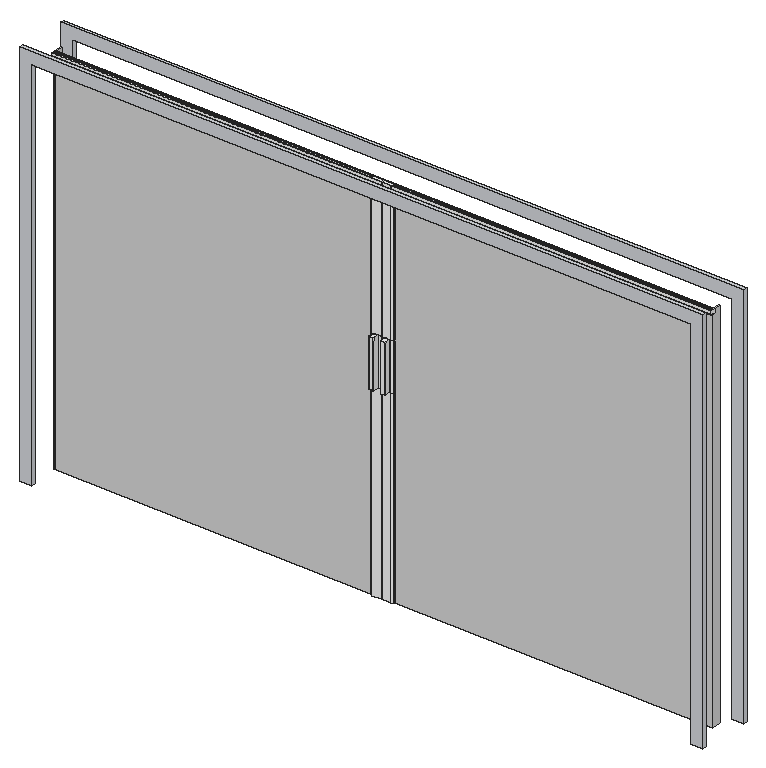
Revit family "Woodfold-Accordion-Door-Family-Series-3300-Acoustic", category Doors, host Wall, Revit 2026 (continued)
Definition of nested family "Detail - Panel Section"
  Definition of nested family "Detail Track"
    Definition of nested family "Metal Screw"
      Lines and regions (in)
        detail lines, in view "Ref. Level"
          curve 8: arc (-0.18472, 0.62615, 0) -> (0, 0.75115, 0) -> (0.18472, 0.62615, 0) r 0.19899
        detail lines, in view "Ref. Level", not visible
          curve 6: line (0.18472, 0.8125, 0) -> (0.05972, 0.8125, 0)
          curve 9: line (-0.18472, 0.8125, 0) -> (-0.05972, 0.8125, 0)
          curve 10: arc (-0.18472, 0.8125, 0) -> (0, 0.9375, 0) -> (0.18472, 0.8125, 0) r 0.19899
          curve 11: line (0.0625, -1.18635, 0) -> (0, -1.24885, 0)
          curve 12: line (-0.0625, -1.18635, 0) -> (0, -1.24885, 0)
      Dimensions and locks (in)
        "Length": plane 1 "Center (Front/Back)" to plane 4
        aligned and locked: plane 1 "Center (Front/Back)" to curve 7
        aligned and locked: plane 4 to curve 2
        aligned and locked: plane 4 to curve 4
        aligned and locked: plane 4 to curve 3
        aligned and locked: Filled region 1 sketch curve to curve 7
        aligned and locked: Filled region 1 sketch curve to curve 4
        aligned and locked: Filled region 1 sketch curve to curve 5
        aligned and locked: Filled region 1 sketch curve to curve 3
        aligned and locked: Filled region 1 sketch curve to curve 2
        aligned and locked: Filled region 1 sketch curve to curve 1
      Automatic sketch dimensions
        curve 4 to plane 1 "Center (Front/Back)" = 0' - 0"
        curve 2 to plane 1 "Center (Front/Back)" = 0' - 0"
        curve 4 to plane 3 "Center (Left/Right)" = 0' - 0 1/16"
        plane 3 "Center (Left/Right)" to curve 2 = 0' - 0 1/16"
        curve 7 to curve 7 = 0' - 0 1/8"
        curve 7 to curve 8 = 0' - 0.05972"
        curve 8 to curve 1 = 0' - 0.05972"
        curve 1 to curve 8 = 0' - 0 1/8"
        curve 8 to curve 7 = 0' - 0.07399"
        curve 9 to curve 9 = 0' - 0 1/8"
        curve 9 to curve 10 = 0' - 0.05972"
        curve 10 to curve 6 = 0' - 0.05972"
        curve 6 to curve 10 = 0' - 0 1/8"
        curve 10 to curve 9 = 0' - 0.07399"
        Filled region 1 sketch curve to plane 3 "Center (Left/Right)" = 0' - 0"
        Filled region 1 sketch curve to Filled region 1 sketch curve = 0' - 0.12222"
        plane 1 "Center (Front/Back)" to Filled region 1 sketch curve = 0' - 0.07399"
Definition of nested family "Detail - Panel Section - Recessed Track"
  Parameters
    Panel Finish [instance] = yes
    built-in parameter 1001306 [instance] = 4' - 0"
    Assembly Code = ""
  Reference planes (in)
    plane 1 "Center (Front/Back)": y = 0
    plane 2: z = 0
    plane 3 "Left": x = 0
    plane 4 "Right": x = 48
    plane 5: x = 46.955
  Lines and regions (in)
    Filled region 1, type "Wood - Finish", in view "Ref. Level", visible <- "Panel Finish"
      outline origin (-14.66362, 0, 0) x (0, 1, 0) y (-1, 0, 0)
        loop
          line (-2.22816, -15.64595) -> (-2.22816, -61.61862) -> (2.2317, -61.61862) -> (2.2317, -15.64595) -> (-2.22816, -15.64595)
    reference lines, in view "Ref. Level"
      curve 1: line (0, 0, 0) -> (48, 0, 0)
    detail lines, in view "Ref. Level"
      curve 2: arc (0.5625, -2.199, 0) -> (0.52728, -2.28802, 0) -> (0.5625, -2.37703, 0) r 0.13011
      curve 3: line (0.58358, -2.21839, 0) -> (0.58358, -2.35623, 0)
      curve 4: line (0.58358, -2.28816, 0) -> (0.90113, -2.28816, 0)
      curve 5: arc (0.86257, -2.22839, 0) -> (0.92257, -2.29208, 0) -> (0.98233, -2.22816, 0) r 0.06
      curve 6: line (0.6225, -2.25816, 0) -> (0.86843, -2.25816, 0)
      curve 7: line (0.86257, -2.22839, 0) -> (0.58358, -2.22816, 0)
      curve 8: line (46.99371, -2.28816, 0) -> (0.94379, -2.28816, 0)
      curve 9: line (46.96101, -2.25816, 0) -> (0.97649, -2.25816, 0)
      curve 10: line (0.86239, -2.17209, 0) -> (0.86239, -2.22839, 0)
      curve 11: line (0.5625, -2.17209, 0) -> (0.86239, -2.17209, 0)
      curve 12: line (0.5625, -2.40479, 0) -> (0.5625, 2.40479, 0)
      curve 13: arc (0.98233, -1.14507, 0) -> (0.96003, -1.18941, 0) -> (0.98233, -1.23375, 0) r 0.05523
      curve 14: arc (0.98233, -0.39507, 0) -> (0.96003, -0.43941, 0) -> (0.98233, -0.48375, 0) r 0.05523
      curve 15: arc (0.98233, 0.47493, 0) -> (0.96003, 0.43059, 0) -> (0.98233, 0.38625, 0) r 0.05523
      curve 16: arc (0.98233, 1.22493, 0) -> (0.96003, 1.18059, 0) -> (0.98233, 1.13625, 0) r 0.05523
      curve 17: arc (0.98233, 2.11585, 0) -> (0.96638, 2.14854, 0) -> (0.9325, 2.16176, 0) r 0.05
      curve 18: line (0.5625, 2.16176, 0) -> (0.9325, 2.16176, 0)
      curve 19: arc (0.86239, 1.34792, 0) -> (0.92239, 1.40792, 0) -> (0.86239, 1.46792, 0) r 0.06
      curve 20: arc (0.86239, 1.46792, 0) -> (0.80239, 1.40792, 0) -> (0.86239, 1.34792, 0) r 0.06
      curve 21: arc (0.86239, -1.44643, 0) -> (0.92239, -1.38643, 0) -> (0.86239, -1.32643, 0) r 0.06
      curve 22: arc (0.86239, -1.32643, 0) -> (0.80239, -1.38643, 0) -> (0.86239, -1.44643, 0) r 0.06
      curve 23: arc (0.5625, 2.199, 0) -> (0.52728, 2.28802, 0) -> (0.5625, 2.37703, 0) r 0.13011
      curve 24: line (0.58358, 2.21839, 0) -> (0.58358, 2.35623, 0)
      curve 25: line (0.58358, 2.29161, 0) -> (47.35392, 2.29161, 0)
      curve 26: line (0.62366, 2.26161, 0) -> (47.32358, 2.26161, 0)
      curve 27: line (0.98233, 2.22816, 0) -> (0.58358, 2.22816, 0)
      curve 28: arc (47.375, -2.199, 0) -> (47.41022, -2.28802, 0) -> (47.375, -2.37703, 0) r 0.13011
      curve 29: line (47.35392, -2.21839, 0) -> (47.35392, -2.35623, 0)
      curve 30: line (47.35392, -2.28816, 0) -> (47.03637, -2.28816, 0)
      curve 31: arc (47.07493, -2.22839, 0) -> (47.01689, -2.29205, 0) -> (46.95504, -2.23208, 0) r 0.06
      curve 32: line (47.315, -2.25816, 0) -> (47.06907, -2.25816, 0)
      curve 33: line (47.07493, -2.22839, 0) -> (47.35392, -2.22816, 0)
      curve 34: line (47.07511, -2.17209, 0) -> (47.07511, -2.22839, 0)
      curve 35: line (47.375, -2.17209, 0) -> (47.07511, -2.17209, 0)
      curve 36: line (47.375, -2.40479, 0) -> (47.375, 2.40479, 0)
      curve 37: arc (46.955, -1.14495, 0) -> (46.97747, -1.18941, 0) -> (46.955, -1.23387, 0) r 0.05523
      curve 38: arc (46.955, -0.39495, 0) -> (46.97747, -0.43941, 0) -> (46.955, -0.48387, 0) r 0.05523
      curve 39: arc (46.955, 0.47505, 0) -> (46.97747, 0.43059, 0) -> (46.955, 0.38613, 0) r 0.05523
      curve 40: arc (46.955, 1.22505, 0) -> (46.97747, 1.18059, 0) -> (46.955, 1.13613, 0) r 0.05523
      curve 41: arc (46.955, 2.11176, 0) -> (46.96964, 2.14712, 0) -> (47.005, 2.16176, 0) r 0.05
      curve 42: line (47.375, 2.16176, 0) -> (47.005, 2.16176, 0)
      curve 43: arc (47.07511, 1.34792, 0) -> (47.01511, 1.40792, 0) -> (47.07511, 1.46792, 0) r 0.06
      curve 44: arc (47.07511, 1.46792, 0) -> (47.13511, 1.40792, 0) -> (47.07511, 1.34792, 0) r 0.06
      curve 45: arc (47.07511, -1.44643, 0) -> (47.01511, -1.38643, 0) -> (47.07511, -1.32643, 0) r 0.06
      curve 46: arc (47.07511, -1.32643, 0) -> (47.13511, -1.38643, 0) -> (47.07511, -1.44643, 0) r 0.06
      curve 47: arc (47.375, 2.199, 0) -> (47.41022, 2.28802, 0) -> (47.375, 2.37703, 0) r 0.13011
      curve 48: line (47.35392, 2.21839, 0) -> (47.35392, 2.35623, 0)
      curve 49: line (47.35392, 2.22816, 0) -> (46.955, 2.22816, 0)
      curve 94: line (48, -2.40479, 0) -> (48, 2.34521, 0)
      curve 96: line (46.955, -2.23208, 0) -> (46.955, 2.11176, 0)
      curve 98: line (0.98233, -2.22816, 0) -> (0.98233, 2.11585, 0)
    detail lines, in view "Ref. Level", not visible
      curve 50: arc (0, -2.199, 0) -> (-0.03522, -2.28802, 0) -> (0, -2.37703, 0) r 0.13011
      curve 51: line (0.02108, -2.21839, 0) -> (0.02108, -2.35623, 0)
      curve 52: line (0.02108, -2.28816, 0) -> (0.33863, -2.28816, 0)
      curve 53: arc (0.30007, -2.22839, 0) -> (0.36007, -2.29208, 0) -> (0.41983, -2.22816, 0) r 0.06
      curve 54: line (0.06, -2.25816, 0) -> (0.30593, -2.25816, 0)
      curve 55: line (0.30007, -2.22839, 0) -> (0.02108, -2.22816, 0)
      curve 56: line (0.29989, -2.17209, 0) -> (0.29989, -2.22839, 0)
      curve 57: line (0, -2.17209, 0) -> (0.29989, -2.17209, 0)
      curve 58: line (0, -2.40479, 0) -> (0, 2.40479, 0)
      curve 59: arc (0.41983, -1.14507, 0) -> (0.39753, -1.18941, 0) -> (0.41983, -1.23375, 0) r 0.05523
      curve 60: arc (0.41983, -0.39507, 0) -> (0.39753, -0.43941, 0) -> (0.41983, -0.48375, 0) r 0.05523
      curve 61: arc (0.41983, 0.47493, 0) -> (0.39753, 0.43059, 0) -> (0.41983, 0.38625, 0) r 0.05523
      curve 62: arc (0.41983, 1.22493, 0) -> (0.39753, 1.18059, 0) -> (0.41983, 1.13625, 0) r 0.05523
      curve 63: arc (0.41983, 2.11585, 0) -> (0.40388, 2.14854, 0) -> (0.37, 2.16176, 0) r 0.05
      curve 64: line (0, 2.16176, 0) -> (0.37, 2.16176, 0)
      curve 65: arc (0.29989, 1.34792, 0) -> (0.35989, 1.40792, 0) -> (0.29989, 1.46792, 0) r 0.06
      curve 66: arc (0.29989, 1.46792, 0) -> (0.23989, 1.40792, 0) -> (0.29989, 1.34792, 0) r 0.06
      curve 67: arc (0.29989, -1.44643, 0) -> (0.35989, -1.38643, 0) -> (0.29989, -1.32643, 0) r 0.06
      curve 68: arc (0.29989, -1.32643, 0) -> (0.23989, -1.38643, 0) -> (0.29989, -1.44643, 0) r 0.06
      curve 69: arc (0, 2.199, 0) -> (-0.03522, 2.28802, 0) -> (0, 2.37703, 0) r 0.13011
      curve 70: line (0.02108, 2.21839, 0) -> (0.02108, 2.35623, 0)
      curve 71: line (0.41983, 2.22816, 0) -> (0.02108, 2.22816, 0)
      curve 72: arc (8.68994, -2.199, 0) -> (8.72516, -2.28802, 0) -> (8.68994, -2.37703, 0) r 0.13011
      curve 73: line (8.66886, -2.21839, 0) -> (8.66886, -2.35623, 0)
      curve 74: line (8.66886, -2.28816, 0) -> (8.35131, -2.28816, 0)
      curve 75: arc (8.38987, -2.22839, 0) -> (8.33183, -2.29205, 0) -> (8.26998, -2.23208, 0) r 0.06
      curve 76: line (8.62994, -2.25816, 0) -> (8.38402, -2.25816, 0)
      curve 77: line (8.38987, -2.22839, 0) -> (8.66886, -2.22816, 0)
      curve 78: line (8.39005, -2.17209, 0) -> (8.39005, -2.22839, 0)
      curve 79: line (8.68994, -2.17209, 0) -> (8.39005, -2.17209, 0)
      curve 80: line (8.68994, -2.40479, 0) -> (8.68994, 2.40479, 0)
      curve 81: arc (8.26994, -1.14495, 0) -> (8.29241, -1.18941, 0) -> (8.26994, -1.23387, 0) r 0.05523
      curve 82: arc (8.26994, -0.39495, 0) -> (8.29241, -0.43941, 0) -> (8.26994, -0.48387, 0) r 0.05523
      curve 83: arc (8.26994, 0.47505, 0) -> (8.29241, 0.43059, 0) -> (8.26994, 0.38613, 0) r 0.05523
      curve 84: arc (8.26994, 1.22505, 0) -> (8.29241, 1.18059, 0) -> (8.26994, 1.13613, 0) r 0.05523
      curve 85: arc (8.26994, 2.11176, 0) -> (8.28459, 2.14712, 0) -> (8.31994, 2.16176, 0) r 0.05
      curve 86: line (8.68994, 2.16176, 0) -> (8.31994, 2.16176, 0)
      curve 87: arc (8.39005, 1.34792, 0) -> (8.33005, 1.40792, 0) -> (8.39005, 1.46792, 0) r 0.06
      curve 88: arc (8.39005, 1.46792, 0) -> (8.45005, 1.40792, 0) -> (8.39005, 1.34792, 0) r 0.06
      curve 89: arc (8.39005, -1.44643, 0) -> (8.33005, -1.38643, 0) -> (8.39005, -1.32643, 0) r 0.06
      curve 90: arc (8.39005, -1.32643, 0) -> (8.45005, -1.38643, 0) -> (8.39005, -1.44643, 0) r 0.06
      curve 91: arc (8.68994, 2.199, 0) -> (8.72516, 2.28802, 0) -> (8.68994, 2.37703, 0) r 0.13011
      curve 92: line (8.66886, 2.21839, 0) -> (8.66886, 2.35623, 0)
      curve 93: line (8.66886, 2.22816, 0) -> (8.26994, 2.22816, 0)
      curve 95: line (9.31494, -2.40479, 0) -> (9.31494, 2.34521, 0)
      curve 97: line (8.26994, -2.23208, 0) -> (8.26994, 2.11176, 0)
      curve 99: line (0.41983, -2.22816, 0) -> (0.41983, 2.11585, 0)
  Dimensions and locks (in)
    "built-in parameter 1001306": plane 3 "Left" to plane 4 "Right"
    locked: plane 5 to plane 4 "Right" at 1.045
    aligned and locked: plane 1 "Center (Front/Back)" to curve 1
    aligned and locked: plane 4 "Right" to curve 1
    aligned and locked: plane 3 "Left" to curve 1
    aligned and locked: curve 94 to plane 4 "Right"
    aligned and locked: Filled region 1 to plane 5
    aligned and locked: curve 24 to curve 25
    aligned and locked: curve 8 to curve 4
    aligned and locked: curve 12 to nested 1
  Automatic sketch dimensions
    plane 1 "Center (Front/Back)" to Filled region 1 sketch curve = 0' - 2.22816"
    Filled region 1 sketch curve to plane 1 "Center (Front/Back)" = 0' - 2.2317"
    plane 3 "Left" to Filled region 1 sketch curve = 3' - 10.955"
    plane 3 "Left" to Filled region 1 sketch curve = 0' - 0.98233"
    curve 38 to curve 39 = 0' - 0"
    curve 40 to curve 39 = 0' - 0"
    curve 38 to curve 37 = 0' - 0"
    curve 49 to curve 40 = 0' - 0"
    curve 37 to curve 37 = 0' - 0.03276"
    curve 49 to curve 41 = 0' - 0"
    curve 37 to curve 31 = 0' - 0.00004"
    curve 41 to curve 41 = 0' - 0.05"
    curve 42 to curve 41 = 0' - 0"
    curve 31 to curve 30 = 0' - 0.02133"
    curve 30 to curve 32 = 0' - 0.0327"
    curve 32 to curve 33 = 0' - 0.00585"
    curve 37 to curve 46 = 0' - 0.12011"
    curve 40 to curve 43 = 0' - 0.12011"
    curve 31 to curve 35 = 0' - 0.00018"
    curve 42 to curve 47 = 0' - 0.27511"
    curve 32 to curve 28 = 0' - 0.21103"
    curve 28 to curve 32 = 0' - 0.03489"
    curve 47 to curve 48 = 0' - 0.07381"
    curve 32 to curve 29 = 0' - 0.03892"
    curve 29 to curve 28 = 0' - 0.02108"
    curve 47 to curve 94 = 0' - 0 5/8"
    curve 36 to curve 94 = 0' - 0"
    curve 36 to curve 28 = 0' - 0.02776"
    curve 28 to curve 29 = 0' - 0.0208"
    curve 29 to curve 30 = 0' - 0.06807"
    curve 30 to curve 28 = 0' - 0.00014"
    curve 30 to curve 32 = 0' - 0.03"
    curve 31 to curve 34 = 0' - 0"
    curve 33 to curve 29 = 0' - 0.00977"
    curve 34 to curve 34 = 0' - 0.0563"
    curve 34 to curve 46 = 0' - 0.72566"
    curve 45 to curve 45 = 0' - 0.06"
    curve 45 to curve 37 = 0' - 0.09256"
    curve 37 to curve 37 = 0' - 0.04446"
    curve 37 to curve 38 = 0' - 0.66108"
    curve 38 to curve 38 = 0' - 0.04446"
    curve 38 to curve 39 = 0' - 0.78108"
    curve 39 to curve 39 = 0' - 0.04446"
    curve 39 to curve 40 = 0' - 0.66108"
    curve 40 to curve 40 = 0' - 0.04446"
    curve 40 to curve 43 = 0' - 0.12287"
    curve 43 to curve 44 = 0' - 0.06"
    curve 43 to curve 41 = 0' - 0.64384"
    curve 41 to curve 42 = 0' - 0"
    curve 42 to curve 47 = 0' - 0.03724"
    curve 47 to curve 48 = 0' - 0.01939"
    curve 42 to curve 49 = 0' - 0 17/256"
    curve 49 to curve 47 = 0' - 0.05986"
    curve 94 to curve 47 = 0' - 0.03183"
    curve 48 to curve 47 = 0' - 0.0208"
    curve 47 to curve 36 = 0' - 0.02776"
    curve 82 to curve 83 = 0' - 0"
    curve 84 to curve 83 = 0' - 0"
    curve 82 to curve 81 = 0' - 0"
    curve 93 to curve 84 = 0' - 0"
    curve 81 to curve 81 = 0' - 0.03276"
    curve 93 to curve 85 = 0' - 0"
    curve 81 to curve 75 = 0' - 0.00004"
    curve 85 to curve 85 = 0' - 0.05"
    curve 86 to curve 85 = 0' - 0"
    curve 75 to curve 74 = 0' - 0.02133"
    curve 74 to curve 76 = 0' - 0.0327"
    curve 76 to curve 77 = 0' - 0.00585"
    curve 81 to curve 90 = 0' - 0.12011"
    curve 84 to curve 87 = 0' - 0.12011"
    curve 75 to curve 79 = 0' - 0.00018"
    curve 86 to curve 91 = 0' - 0.27511"
    curve 76 to curve 72 = 0' - 0.21103"
    curve 72 to curve 76 = 0' - 0.03489"
    curve 91 to curve 92 = 0' - 0.07381"
    curve 76 to curve 73 = 0' - 0.03892"
    curve 73 to curve 72 = 0' - 0.02108"
    curve 91 to curve 95 = 0' - 0 5/8"
    curve 80 to curve 95 = 0' - 0"
    curve 80 to curve 72 = 0' - 0.02776"
    curve 72 to curve 73 = 0' - 0.0208"
    curve 73 to curve 74 = 0' - 0.06807"
    curve 74 to curve 72 = 0' - 0.00014"
    curve 74 to curve 76 = 0' - 0.03"
    curve 75 to curve 78 = 0' - 0"
    curve 77 to curve 73 = 0' - 0.00977"
    curve 78 to curve 78 = 0' - 0.0563"
    curve 78 to curve 90 = 0' - 0.72566"
    curve 89 to curve 89 = 0' - 0.06"
    curve 89 to curve 81 = 0' - 0.09256"
    curve 81 to curve 81 = 0' - 0.04446"
    curve 81 to curve 82 = 0' - 0.66108"
    curve 82 to curve 82 = 0' - 0.04446"
    curve 82 to curve 83 = 0' - 0.78108"
    curve 83 to curve 83 = 0' - 0.04446"
    curve 83 to curve 84 = 0' - 0.66108"
    curve 84 to curve 84 = 0' - 0.04446"
    curve 84 to curve 87 = 0' - 0.12287"
    curve 87 to curve 88 = 0' - 0.06"
    curve 87 to curve 85 = 0' - 0.64384"
    curve 85 to curve 86 = 0' - 0"
    curve 86 to curve 91 = 0' - 0.03724"
    curve 91 to curve 92 = 0' - 0.01939"
    curve 86 to curve 93 = 0' - 0 17/256"
    curve 93 to curve 91 = 0' - 0.05986"
    curve 95 to curve 91 = 0' - 0.03183"
    curve 92 to curve 91 = 0' - 0.0208"
    curve 91 to curve 80 = 0' - 0.02776"
    curve 43 to curve 44 = 0' - 0"  (x2)
    curve 45 to curve 46 = 0' - 0"  (x2)
    curve 96 to curve 31 = 0' - 0"
    curve 96 to curve 41 = 0' - 0"
    curve 87 to curve 88 = 0' - 0"  (x2)
    curve 89 to curve 90 = 0' - 0"  (x2)
    curve 97 to curve 75 = 0' - 0"
    curve 97 to curve 85 = 0' - 0"
    curve 23 to curve 24 = 0' - 0.02108"
    curve 2 to curve 3 = 0' - 0.02108"
    curve 4 to curve 6 = 0' - 0.03892"
    curve 27 to curve 23 = 0' - 0.07381"
    curve 6 to curve 2 = 0' - 0.03489"
    curve 2 to curve 10 = 0' - 0.205"
    curve 18 to curve 19 = 0' - 0.29989"
    curve 10 to curve 22 = 0' - 0"
    curve 10 to curve 5 = 0' - 0.00018"
    curve 5 to curve 6 = 0' - 0.00585"
    curve 6 to curve 4 = 0' - 0.0327"
    curve 4 to curve 5 = 0' - 0.02133"
    curve 23 to curve 18 = 0' - 0.27511"
    curve 17 to curve 18 = 0' - 0"  (x2)
    curve 17 to curve 17 = 0' - 0.04983"
    curve 18 to curve 27 = 0' - 0.04983"
    curve 16 to curve 16 = 0' - 0.03293"
    curve 13 to curve 13 = 0' - 0.03293"
    curve 15 to curve 15 = 0' - 0.03293"
    curve 14 to curve 14 = 0' - 0.03293"
    curve 12 to curve 2 = 0' - 0.02776"
    curve 2 to curve 3 = 0' - 0.0208"
    curve 3 to curve 4 = 0' - 0.06807"
    curve 4 to curve 2 = 0' - 0.00014"
    curve 4 to curve 6 = 0' - 0.03"
    curve 7 to curve 10 = 0' - 0"
    curve 7 to curve 3 = 0' - 0.00977"
    curve 10 to curve 11 = 0' - 0.0563"
    curve 10 to curve 22 = 0' - 0.72566"
    curve 21 to curve 22 = 0' - 0.06"
    curve 21 to curve 13 = 0' - 0.09268"
    curve 13 to curve 13 = 0' - 0.04434"
    curve 13 to curve 14 = 0' - 0.66132"
    curve 14 to curve 14 = 0' - 0.04434"
    curve 14 to curve 15 = 0' - 0.78133"
    curve 15 to curve 15 = 0' - 0.04434"
    curve 15 to curve 16 = 0' - 0.66132"
    curve 16 to curve 16 = 0' - 0.04434"
    curve 16 to curve 19 = 0' - 0.12299"
    curve 19 to curve 20 = 0' - 0.06"
    curve 19 to curve 17 = 0' - 0.64384"
    curve 17 to curve 17 = 0' - 0.00409"
    curve 18 to curve 23 = 0' - 0.03724"
    curve 23 to curve 24 = 0' - 0.01939"
    curve 24 to curve 27 = 0' - 0.00977"
    curve 27 to curve 23 = 0' - 0.05986"
    curve 24 to curve 23 = 0' - 0.0208"
    curve 23 to curve 12 = 0' - 0.02776"
    curve 19 to curve 20 = 0' - 0"  (x2)
    curve 21 to curve 22 = 0' - 0"  (x2)
    curve 69 to curve 70 = 0' - 0.02108"
    curve 50 to curve 51 = 0' - 0.02108"
    curve 52 to curve 54 = 0' - 0.03892"
    curve 71 to curve 69 = 0' - 0.07381"
    curve 54 to curve 50 = 0' - 0.03489"
    curve 50 to curve 56 = 0' - 0.205"
    curve 64 to curve 65 = 0' - 0.29989"
    curve 56 to curve 68 = 0' - 0"
    curve 56 to curve 53 = 0' - 0.00018"
    curve 53 to curve 54 = 0' - 0.00585"
    curve 54 to curve 52 = 0' - 0.0327"
    curve 52 to curve 53 = 0' - 0.02133"
    curve 69 to curve 64 = 0' - 0.27511"
    curve 63 to curve 64 = 0' - 0"  (x2)
    curve 63 to curve 63 = 0' - 0.04983"
    curve 64 to curve 71 = 0' - 0.04983"
    curve 62 to curve 62 = 0' - 0.03293"
    curve 59 to curve 59 = 0' - 0.03293"
    curve 61 to curve 61 = 0' - 0.03293"
    curve 60 to curve 60 = 0' - 0.03293"
    curve 58 to curve 50 = 0' - 0.02776"
    curve 50 to curve 51 = 0' - 0.0208"
    curve 51 to curve 52 = 0' - 0.06807"
    curve 52 to curve 50 = 0' - 0.00014"
    curve 52 to curve 54 = 0' - 0.03"
    curve 55 to curve 56 = 0' - 0"
    curve 55 to curve 51 = 0' - 0.00977"
    curve 56 to curve 57 = 0' - 0.0563"
    curve 56 to curve 68 = 0' - 0.72566"
    curve 67 to curve 68 = 0' - 0.06"
    curve 67 to curve 59 = 0' - 0.09268"
    curve 59 to curve 59 = 0' - 0.04434"
    curve 59 to curve 60 = 0' - 0.66132"
    curve 60 to curve 60 = 0' - 0.04434"
    curve 60 to curve 61 = 0' - 0.78133"
    curve 61 to curve 61 = 0' - 0.04434"
    curve 61 to curve 62 = 0' - 0.66132"
    curve 62 to curve 62 = 0' - 0.04434"
    curve 62 to curve 65 = 0' - 0.12299"
    curve 65 to curve 66 = 0' - 0.06"
    curve 65 to curve 63 = 0' - 0.64384"
    curve 63 to curve 63 = 0' - 0.00409"
    curve 64 to curve 69 = 0' - 0.03724"
    curve 69 to curve 70 = 0' - 0.01939"
    curve 70 to curve 71 = 0' - 0.00977"
    curve 71 to curve 69 = 0' - 0.05986"
    curve 70 to curve 69 = 0' - 0.0208"
    curve 69 to curve 58 = 0' - 0.02776"
    curve 65 to curve 66 = 0' - 0"  (x2)
    curve 67 to curve 68 = 0' - 0"  (x2)
    curve 25 to curve 26 = 0' - 0.04008"
    plane 3 "Left" to curve 8 = 0' - 0.94379"
    curve 8 to curve 9 = 0' - 0.0327"
    curve 9 to plane 5 = 0' - 0.00601"
    curve 8 to plane 5 = 0' - 0.03871"
    curve 26 to plane 5 = 0' - 0.36858"
    curve 26 to curve 25 = 0' - 0.03034"
    curve 8 to curve 9 = 0' - 0.03"
    curve 26 to plane 1 "Center (Front/Back)" = 0' - 2.26161"
    curve 26 to curve 25 = 0' - 0.03"
  Nested families (in)
    nested 1: "Detail Recessed Track" at (-0.75, 0, 0) x (-1, 0, 0) z (0, 0, 1), type "Detail Track", in view "Ref. Level"
  Definition of nested family "Detail Recessed Track"
    Parameters
      Assembly Code = ""
    Reference planes (in)
      plane 1 "Center (Front/Back)": y = 0
      plane 2: z = 0
      plane 3 "Center (Left/Right)": x = 0
    Lines and regions (in)
      detail lines, in view "Ref. Level"
        curve 1: line (-0.9375, 0.5625, 0) -> (-0.125, 0.5625, 0)
        curve 2: line (-0.125, -0.5625, 0) -> (-0.9375, -0.5625, 0)
        curve 3: line (-0.125, 0.5625, 0) -> (-0.125, -0.5625, 0)
        curve 4: line (-1.0625, -0.4375, 0) -> (-1.0625, -0.3125, 0)
        curve 5: line (-1.3125, -0.15789, 0) -> (-1.3125, 0.15789, 0)
        curve 6: line (-1.3125, 0.15789, 0) -> (-0.8125, 0.15789, 0)
        curve 7: line (-1.3125, -0.15789, 0) -> (-0.8125, -0.15789, 0)
        curve 8: line (-1.0625, -0.4375, 0) -> (-0.9375, -0.5625, 0)
        curve 9: line (-1.0625, -0.3125, 0) -> (-0.90789, -0.15789, 0)
        curve 10: line (-1.0625, 0.4375, 0) -> (-1.0625, 0.3125, 0)
        curve 11: line (-1.0625, 0.4375, 0) -> (-0.9375, 0.5625, 0)
        curve 12: line (-1.0625, 0.3125, 0) -> (-0.90789, 0.15789, 0)
        curve 13: line (-0.88572, 0.4375, 0) -> (-0.25, 0.4375, 0)
        curve 14: line (-0.25, 0.4375, 0) -> (-0.25, -0.4375, 0)
        curve 15: line (-0.25, -0.4375, 0) -> (-0.88572, -0.4375, 0)
        curve 16: line (-0.9375, -0.38572, 0) -> (-0.88572, -0.4375, 0)
        curve 17: line (-0.9375, -0.38572, 0) -> (-0.9375, -0.36428, 0)
        curve 18: line (-0.9375, -0.36428, 0) -> (-0.81951, -0.24628, 0)
        curve 19: line (-0.9375, 0.36428, 0) -> (-0.81951, 0.24628, 0)
        curve 20: line (-0.9375, 0.38572, 0) -> (-0.9375, 0.36428, 0)
        curve 21: line (-0.9375, 0.38572, 0) -> (-0.88572, 0.4375, 0)
        curve 22: line (-0.81951, -0.24628, 0) -> (-0.90789, -0.15789, 0)
        curve 23: line (-0.90789, 0.15789, 0) -> (-0.81951, 0.24628, 0)
        curve 24: line (-0.8125, -0.3125, 0) -> (-0.8125, 0.3125, 0)
        curve 25: arc (-0.33779, 0.4375, 0) -> (-0.27529, 0.375, 0) -> (-0.33779, 0.3125, 0) r 0.0625
        curve 26: line (-0.33779, 0.3125, 0) -> (-0.85749, 0.3125, 0)
        curve 27: arc (-0.85749, 0.4375, 0) -> (-0.91999, 0.375, 0) -> (-0.85749, 0.3125, 0) r 0.0625
        curve 28: arc (-0.33779, -0.4375, 0) -> (-0.27529, -0.375, 0) -> (-0.33779, -0.3125, 0) r 0.0625
        curve 29: line (-0.33779, -0.3125, 0) -> (-0.85749, -0.3125, 0)
        curve 30: arc (-0.85749, -0.4375, 0) -> (-0.91999, -0.375, 0) -> (-0.85749, -0.3125, 0) r 0.0625
        curve 31: line (-0.4375, -0.3125, 0) -> (-0.4375, 0.3125, 0)
        curve 32: line (-0.9375, 0.5625, 0) -> (-0.1875, 0.5625, 0)
        curve 33: line (-0.1875, -0.5625, 0) -> (-0.9375, -0.5625, 0)
        curve 34: line (-1.0625, -0.4375, 0) -> (-1.0625, -0.3125, 0)
        curve 35: line (-1.3125, -0.15789, 0) -> (-1.3125, 0.15789, 0)
        curve 36: line (-1.3125, 0.15789, 0) -> (-0.90789, 0.15789, 0)
        curve 37: line (-1.3125, -0.15789, 0) -> (-0.90789, -0.15789, 0)
        curve 38: line (-1.0625, -0.4375, 0) -> (-0.9375, -0.5625, 0)
        curve 39: line (-1.0625, -0.3125, 0) -> (-0.90789, -0.15789, 0)
        curve 40: line (-1.0625, 0.4375, 0) -> (-1.0625, 0.3125, 0)
        curve 41: line (-1.0625, 0.4375, 0) -> (-0.9375, 0.5625, 0)
        curve 42: line (-1.0625, 0.3125, 0) -> (-0.90789, 0.15789, 0)
        curve 43: line (-0.75, 0.65625, 0) -> (-0.75, 1.90625, 0)
        curve 44: line (-0.75, 0.65625, 0) -> (0, 0.65625, 0)
        curve 45: line (0, 0.65625, 0) -> (0, -0.65625, 0)
        curve 46: line (0, -0.65625, 0) -> (-0.75, -0.65625, 0)
        curve 47: line (-0.75, -0.65625, 0) -> (-0.75, -1.90625, 0)
        curve 48: line (-0.875, 0.5625, 0) -> (-0.875, 1.90625, 0)
        curve 49: line (-0.875, -0.5625, 0) -> (-0.875, -1.90625, 0)
        curve 50: line (-0.875, 1.90625, 0) -> (-0.75, 1.90625, 0)
        curve 51: line (-0.875, -1.90625, 0) -> (-0.75, -1.90625, 0)
    Nested families (in)
      nested 1: "Metal Screw" at (0.37615, 0, 0) x (0, 1, 0) z (0, 0, 1), type "1"", in view "Ref. Level"
    Definition of nested family "Metal Screw"
      Parameters
        Length = 0' - 1 1/2"
        Assembly Code = ""
      Reference planes (in)
        plane 1 "Center (Front/Back)": y = 0.62615
        plane 2: z = 0
        plane 3 "Center (Left/Right)": x = 0
        plane 4: y = -0.87385
      Lines and regions (in)
        Filled region 1, type "Steel", in view "Ref. Level"
          outline origin (0, 0, 0) x (1, 0, 0) y (0, 1, 0)
            loop
              line (-0.18472, 0.62615) -> (-0.0625, 0.62615) -> (-0.0625, -0.87385) -> (0, -0.93635) -> (0.0625, -0.87385) -> (0.0625, 0.62615) -> (0.18472, 0.62615)
              arc (0.18472, 0.62615) -> (0, 0.75115) -> (-0.18472, 0.62615) r 0.19899
        detail lines, in view "Ref. Level"
          curve 1: line (0.18472, 0.62615, 0) -> (0.05972, 0.62615, 0)
          curve 2: line (0.0625, 0.62615, 0) -> (0.0625, -0.87385, 0)
          curve 3: line (0.0625, -0.87385, 0) -> (0, -0.93635, 0)
          curve 4: line (-0.0625, 0.62615, 0) -> (-0.0625, -0.87385, 0)
          curve 5: line (-0.0625, -0.87385, 0) -> (0, -0.93635, 0)
          curve 7: line (-0.18472, 0.62615, 0) -> (-0.05972, 0.62615, 0)
          curve 8: arc (-0.18472, 0.62615, 0) -> (0, 0.75115, 0) -> (0.18472, 0.62615, 0) r 0.19899
        detail lines, in view "Ref. Level", not visible
          curve 6: line (0.18472, 0.8125, 0) -> (0.05972, 0.8125, 0)
          curve 9: line (-0.18472, 0.8125, 0) -> (-0.05972, 0.8125, 0)
          curve 10: arc (-0.18472, 0.8125, 0) -> (0, 0.9375, 0) -> (0.18472, 0.8125, 0) r 0.19899
          curve 11: line (0.0625, -1.18635, 0) -> (0, -1.24885, 0)
          curve 12: line (-0.0625, -1.18635, 0) -> (0, -1.24885, 0)
      Dimensions and locks (in)
        "Length": plane 1 "Center (Front/Back)" to plane 4
        aligned and locked: plane 1 "Center (Front/Back)" to curve 7
        aligned and locked: plane 4 to curve 2
        aligned and locked: plane 4 to curve 4
        aligned and locked: plane 4 to curve 3
        aligned and locked: Filled region 1 sketch curve to curve 7
        aligned and locked: Filled region 1 sketch curve to curve 4
        aligned and locked: Filled region 1 sketch curve to curve 5
        aligned and locked: Filled region 1 sketch curve to curve 3
        aligned and locked: Filled region 1 sketch curve to curve 2
        aligned and locked: Filled region 1 sketch curve to curve 1
      Automatic sketch dimensions
        curve 4 to plane 1 "Center (Front/Back)" = 0' - 0"
        curve 2 to plane 1 "Center (Front/Back)" = 0' - 0"
        curve 4 to plane 3 "Center (Left/Right)" = 0' - 0 1/16"
        plane 3 "Center (Left/Right)" to curve 2 = 0' - 0 1/16"
        curve 7 to curve 7 = 0' - 0 1/8"
        curve 7 to curve 8 = 0' - 0.05972"
        curve 8 to curve 1 = 0' - 0.05972"
        curve 1 to curve 8 = 0' - 0 1/8"
        curve 8 to curve 7 = 0' - 0.07399"
        curve 9 to curve 9 = 0' - 0 1/8"
        curve 9 to curve 10 = 0' - 0.05972"
        curve 10 to curve 6 = 0' - 0.05972"
        curve 6 to curve 10 = 0' - 0 1/8"
        curve 10 to curve 9 = 0' - 0.07399"
        Filled region 1 sketch curve to plane 3 "Center (Left/Right)" = 0' - 0"
        Filled region 1 sketch curve to Filled region 1 sketch curve = 0' - 0.12222"
        plane 1 "Center (Front/Back)" to Filled region 1 sketch curve = 0' - 0.07399"
Definition of nested family "Detail - Recessed Jamb"
  Parameters
    Assembly Code = ""
  Reference planes (in)
    plane 1 "Center (Front/Back)": y = 0.13103
    plane 2: z = 0
    plane 3 "Center (Left/Right)": x = 0
    plane 4: y = -4.61897
    plane 5: y = 4.88103
  Lines and regions (in)
    Filled region 1, type "Wood - Finish", in view "Ref. Level"
      outline origin (0.6102, 0, 0) x (1, 0, 0) y (0, 1, 0)
        loop
          line (-3.12071, 4.75603) -> (-3.87071, 4.75603) -> (-3.87071, -4.49397) -> (-3.12071, -4.49397) -> (-3.12071, 4.75603)
    Filled region 2, type "Solid Fill - White", in view "Ref. Level"
      outline origin (0, 0, 0) x (1, 0, 0) y (0, 1, 0)
        loop
          line (-10.90875, 4.88103) -> (-10.90875, -4.61897) -> (0, -4.61897) -> (0, 4.88103) -> (-10.90875, 4.88103)
    detail lines, in view "Ref. Level"
      curve 1: line (0, -4.61897, 0) -> (-10.90875, -4.61897, 0)
      curve 2: line (-10.90875, -4.61897, 0) -> (-10.90875, 4.88103, 0)
      curve 3: line (-0.625, 4.88103, 0) -> (-0.625, 4.25603, 0)
      curve 4: line (0, -3.99397, 0) -> (-0.625, -3.99397, 0)
      curve 5: line (0, -5.73044, 0) -> (0, -3.99397, 0)
      curve 6: line (-3.26052, -4.49397, 0) -> (-3.26052, 4.75603, 0)
      curve 7: line (-2.51052, 4.75603, 0) -> (-2.51052, -4.49397, 0)
      curve 8: line (-1.81479, -0.29636, 0) -> (-0.83025, -0.29636, 0)
      curve 9: line (-1.57666, -0.23436, 0) -> (-2.13037, -0.23436, 0)
      curve 10: circle (0, 0.13103, 0) r 0.1875 normal (0, 0, 1)
      curve 11: circle (0, 0.13103, 0) r 0.0675 normal (0, 0, 1)
      curve 12: line (-2.13745, -0.23143, 0) -> (-2.18959, -0.17929, 0)
      curve 13: line (-2.19666, -0.17636, 0) -> (-2.26037, -0.17636, 0)
      curve 14: line (-2.26745, -0.17929, 0) -> (-2.31959, -0.23143, 0)
      curve 15: line (-2.32666, -0.23436, 0) -> (-2.37552, -0.23436, 0)
      curve 16: line (-2.38552, -0.22436, 0) -> (-2.38552, 0.07864, 0)
      curve 17: line (-2.38552, 0.07864, 0) -> (-2.38552, 0.38164, 0)
      curve 18: line (-2.37552, 0.39164, 0) -> (-2.32666, 0.39164, 0)
      curve 19: line (-2.31959, 0.38871, 0) -> (-2.26745, 0.33657, 0)
      curve 20: line (-2.26037, 0.33364, 0) -> (-2.19666, 0.33364, 0)
      curve 21: line (-2.18959, 0.33657, 0) -> (-2.13745, 0.38871, 0)
      curve 22: line (-2.13037, 0.39164, 0) -> (-1.57666, 0.39164, 0)
      curve 23: line (-1.56959, 0.38871, 0) -> (-1.51745, 0.33657, 0)
      curve 24: line (-1.51037, 0.33364, 0) -> (-1.07266, 0.33364, 0)
      curve 25: line (-1.06559, 0.33657, 0) -> (-1.01345, 0.38871, 0)
      curve 26: line (-1.00637, 0.39164, 0) -> (-0.57666, 0.39164, 0)
      curve 27: line (-0.56959, 0.38871, 0) -> (-0.51745, 0.33657, 0)
      curve 28: line (-0.51037, 0.33364, 0) -> (-0.38466, 0.33364, 0)
      curve 29: line (-0.37759, 0.33657, 0) -> (-0.32545, 0.38871, 0)
      curve 30: line (-0.31837, 0.39164, 0) -> (-0.07252, 0.39164, 0)
      curve 31: arc (-0.07252, 0.39164, 0) -> (0.02313, 0.36549, 0) -> (0.09217, 0.29431, 0) r 0.188
      curve 32: arc (0.09209, 0.29436, 0) -> (0.08912, 0.2576, 0) -> (0.0531, 0.24969, 0) r 0.031
      curve 33: arc (0.0531, 0.24969, 0) -> (-0.09774, 0.21674, 0) -> (-0.11071, 0.06289, 0) r 0.13
      curve 34: arc (-0.11071, 0.06289, 0) -> (-0.11005, 0.03152, 0) -> (-0.13711, 0.01564, 0) r 0.031
      curve 35: line (-0.13711, 0.01564, 0) -> (-0.25311, 0.01564, 0)
      curve 36: line (-0.26063, 0.01223, 0) -> (-0.47364, -0.23095, 0)
      curve 37: line (-0.48116, -0.23436, 0) -> (-1.00637, -0.23436, 0)
      curve 38: line (-1.01345, -0.23143, 0) -> (-1.06559, -0.17929, 0)
      curve 39: line (-1.07266, -0.17636, 0) -> (-1.51037, -0.17636, 0)
      curve 40: line (-1.51745, -0.17929, 0) -> (-1.56959, -0.23143, 0)
      curve 41: arc (-1.88256, -0.30386, 0) -> (-1.85352, -0.32636, 0) -> (-1.82447, -0.30386, 0) r 0.03
      curve 42: line (-2.44852, -0.29636, 0) -> (-1.89225, -0.29636, 0)
      curve 43: arc (-2.51052, -0.23436, 0) -> (-2.49236, -0.2782, 0) -> (-2.44852, -0.29636, 0) r 0.062
      curve 44: line (-2.51052, 0.39164, 0) -> (-2.51052, -0.23436, 0)
      curve 45: arc (-2.44852, 0.45364, 0) -> (-2.49236, 0.43548, 0) -> (-2.51052, 0.39164, 0) r 0.062
      curve 46: line (-1.89225, 0.45364, 0) -> (-2.44852, 0.45364, 0)
      curve 47: arc (-1.82447, 0.46114, 0) -> (-1.85352, 0.48364, 0) -> (-1.88256, 0.46114, 0) r 0.03
      curve 48: line (-0.83025, 0.45364, 0) -> (-1.81479, 0.45364, 0)
      curve 49: arc (-0.76247, 0.46114, 0) -> (-0.79152, 0.48364, 0) -> (-0.82056, 0.46114, 0) r 0.03
      curve 50: line (-0.07252, 0.45364, 0) -> (-0.75279, 0.45364, 0)
      curve 51: arc (0.17748, 0.20364, 0) -> (0.10426, 0.38042, 0) -> (-0.07252, 0.45364, 0) r 0.25
      curve 52: line (0.17748, 0.16732, 0) -> (0.17748, 0.20364, 0)
      curve 53: arc (0.15932, 0.12348, 0) -> (0.17276, 0.14359, 0) -> (0.17748, 0.16732, 0) r 0.062
      curve 54: arc (0.0799, 0.10416, 0) -> (0.10996, 0.09171, 0) -> (0.14001, 0.10416, 0) r 0.0425
      curve 55: arc (0.04773, 0.17876, 0) -> (0.06198, 0.15776, 0) -> (0.06747, 0.13299, 0) r 0.0675
      curve 56: arc (-0.04773, 0.0833, 0) -> (-0.04773, 0.17876, 0) -> (0.04773, 0.17876, 0) r 0.0675
      curve 57: arc (-0.00195, 0.06356, 0) -> (-0.02673, 0.06905, 0) -> (-0.04773, 0.0833, 0) r 0.0675
      curve 58: arc (0.03081, 0.04658, 0) -> (0.01637, 0.05881, 0) -> (-0.00195, 0.06356, 0) r 0.0425
      curve 59: arc (0.02687, -0.00898, 0) -> (0.03921, 0.01807, 0) -> (0.03081, 0.04658, 0) r 0.0425
      curve 60: arc (-0.0362, -0.04636, 0) -> (-0.01247, -0.04164, 0) -> (0.00764, -0.0282, 0) r 0.062
      curve 61: line (-0.22499, -0.04636, 0) -> (-0.0362, -0.04636, 0)
      curve 62: line (-0.42999, -0.27521, 0) -> (-0.23252, -0.04977, 0)
      curve 63: arc (-0.47663, -0.29636, 0) -> (-0.45103, -0.29083, 0) -> (-0.42999, -0.27521, 0) r 0.062
      curve 64: line (-0.75279, -0.29636, 0) -> (-0.47663, -0.29636, 0)
      curve 65: arc (-0.82056, -0.30386, 0) -> (-0.79152, -0.32636, 0) -> (-0.76247, -0.30386, 0) r 0.03
      curve 69: line (0, 4.88103, 0) -> (-10.90875, 4.88103, 0)
      curve 70: line (0, 4.25603, 0) -> (-0.625, 4.25603, 0)
      curve 71: line (0, 5.9925, 0) -> (0, 4.25603, 0)
      curve 72: line (-0.625, -4.61897, 0) -> (-0.625, -3.99397, 0)
    detail lines, in view "Ref. Level", not visible
      curve 66: line (1.2352, -4.67739, 0) -> (-9.67355, -4.67739, 0)
      curve 67: line (1.2352, -4.05239, 0) -> (0.6102, -4.05239, 0)
      curve 68: line (1.2352, -5.78886, 0) -> (1.2352, -4.05239, 0)
      curve 73: line (0.6102, -4.67739, 0) -> (0.6102, -4.05239, 0)
  Dimensions and locks (in)
    equal spacing: plane 5, plane 1 "Center (Front/Back)", plane 4
    plane 5 to plane 4 = 0' - 9 1/2"
    aligned and locked: curve 69 to plane 5
    aligned and locked: plane 4 to curve 1
    aligned and locked: curve 2 to Filled region 2 sketch curve
    aligned and locked: Filled region 2 sketch curve to curve 69
    aligned and locked: plane 4 to Filled region 2 sketch curve
    aligned and locked: Filled region 2 sketch curve to plane 3 "Center (Left/Right)"
    aligned: curve 2 to curve 1
  Automatic sketch dimensions
    curve 4 to curve 5 = 0' - 0 5/8"
    curve 5 to curve 1 = 0' - 1.11147"
    curve 70 to curve 71 = 0' - 0 5/8"
    curve 69 to curve 71 = 0' - 1.11147"
    curve 67 to curve 68 = 0' - 0 5/8"
    curve 68 to curve 66 = 0' - 1.11147"
    plane 5 to Filled region 1 sketch curve = 0' - 0 1/8"
    Filled region 1 sketch curve to Filled region 1 sketch curve = 0' - 0 3/4"
    Filled region 1 sketch curve to plane 3 "Center (Left/Right)" = 0' - 3.26052"
    plane 4 to Filled region 1 sketch curve = 0' - 0 1/8"
    curve 1 to curve 4 = 0' - 10.28375"
    curve 69 to curve 70 = 0' - 10.28375"
    curve 66 to curve 67 = 0' - 10.28375"
    curve 3 to curve 3 = 0' - 0 5/8"
    curve 72 to curve 72 = 0' - 0 5/8"
    curve 73 to curve 73 = 0' - 0 5/8"
    curve 10 to curve 11 = 0' - 0"  (x2)
    curve 10 to curve 33 = 0' - 0"  (x2)
    curve 10 to curve 55 = 0' - 0"  (x2)
    curve 10 to curve 56 = 0' - 0"  (x2)
    curve 10 to curve 57 = 0' - 0"  (x2)
    curve 31 to curve 51 = 0' - 0"  (x2)
    curve 58 to curve 59 = 0' - 0"  (x2)
    curve 2 to plane 5 = 0' - 0"
    curve 2 to plane 4 = 0' - 0"
    curve 55 to plane 1 "Center (Front/Back)" = 0' - 0"
    curve 55 to plane 3 "Center (Left/Right)" = 0' - 0"
    curve 58 to plane 3 "Center (Left/Right)" = 0' - 0.00195"
    curve 57 to curve 58 = 0' - 0"
    curve 59 to plane 3 "Center (Left/Right)" = 0' - 0.00318"
    curve 61 to plane 3 "Center (Left/Right)" = 0' - 0.0362"
    curve 56 to plane 3 "Center (Left/Right)" = 0' - 0.04773"
    curve 51 to plane 3 "Center (Left/Right)" = 0' - 0.07252"
    curve 34 to curve 57 = 0' - 0.06298"
    curve 33 to curve 34 = 0' - 0"
    curve 35 to curve 34 = 0' - 0.0264"
    curve 61 to curve 34 = 0' - 0.08789"
    curve 62 to curve 61 = 0' - 0.00752"
    curve 35 to curve 61 = 0' - 0.02811"
    plane 1 "Center (Front/Back)" to curve 36 = 0' - 0.1188"
    curve 36 to curve 35 = 0' - 0.00752"
    curve 30 to curve 30 = 0' - 0.24586"
    curve 29 to curve 30 = 0' - 0.00707"
    curve 29 to curve 29 = 0' - 0.05214"
    curve 28 to curve 29 = 0' - 0.00707"
    curve 62 to curve 62 = 0' - 0.19747"
    curve 36 to curve 62 = 0' - 0.04365"
    curve 64 to curve 62 = 0' - 0.04664"
    curve 37 to curve 63 = 0' - 0.00453"
    curve 28 to curve 28 = 0' - 0.12572"
    curve 27 to plane 1 "Center (Front/Back)" = 0' - 0.20554"
    curve 27 to curve 28 = 0' - 0.00707"
    curve 27 to plane 1 "Center (Front/Back)" = 0' - 0.25768"
    curve 27 to curve 27 = 0' - 0.05214"
    curve 26 to curve 27 = 0' - 0.00707"
    curve 64 to curve 63 = 0' - 0.27616"
    curve 50 to curve 26 = 0' - 0.17613"
    curve 49 to curve 50 = 0' - 0.00968"
    curve 65 to curve 64 = 0' - 0.00968"
    curve 49 to curve 49 = 0' - 0.02905"  (x2)
    curve 65 to curve 65 = 0' - 0.02905"  (x2)
    curve 8 to curve 65 = 0' - 0.00968"
    curve 48 to curve 49 = 0' - 0.00968"
    curve 26 to curve 48 = 0' - 0.17613"
    curve 37 to curve 8 = 0' - 0.17613"
    curve 25 to plane 1 "Center (Front/Back)" = 0' - 0.25768"
    curve 25 to curve 26 = 0' - 0.00707"
    plane 1 "Center (Front/Back)" to curve 38 = 0' - 0.36246"
    curve 38 to curve 37 = 0' - 0.00707"
    plane 1 "Center (Front/Back)" to curve 38 = 0' - 0.31032"
    curve 38 to curve 38 = 0' - 0.05214"
    curve 25 to plane 1 "Center (Front/Back)" = 0' - 0.20554"
    curve 25 to curve 25 = 0' - 0.05214"
    curve 39 to curve 38 = 0' - 0.00707"
    curve 24 to curve 25 = 0' - 0.00707"
    curve 39 to curve 39 = 0' - 0.43772"
    curve 24 to plane 1 "Center (Front/Back)" = 0' - 0.20261"
    curve 24 to curve 24 = 0' - 0.43772"
    curve 23 to plane 1 "Center (Front/Back)" = 0' - 0.20554"
    curve 23 to curve 24 = 0' - 0.00707"
    plane 1 "Center (Front/Back)" to curve 40 = 0' - 0.31032"
    curve 40 to curve 39 = 0' - 0.00707"
    plane 1 "Center (Front/Back)" to curve 40 = 0' - 0.36246"
    curve 40 to curve 40 = 0' - 0.05214"
    curve 23 to plane 1 "Center (Front/Back)" = 0' - 0.25768"
    curve 23 to curve 23 = 0' - 0.05214"
    curve 9 to curve 40 = 0' - 0.00707"
    curve 22 to curve 23 = 0' - 0.00707"
    curve 48 to curve 22 = 0' - 0.23813"
    curve 8 to curve 9 = 0' - 0.23813"
    curve 47 to curve 48 = 0' - 0.00968"
    curve 41 to curve 8 = 0' - 0.00968"
    curve 47 to curve 47 = 0' - 0.02905"  (x2)
    curve 41 to curve 41 = 0' - 0.02905"  (x2)
    curve 42 to curve 41 = 0' - 0.00968"
    curve 46 to curve 47 = 0' - 0.00968"
    curve 9 to curve 42 = 0' - 0.23813"
    curve 22 to curve 46 = 0' - 0.23813"
    curve 21 to plane 1 "Center (Front/Back)" = 0' - 0.25768"
    curve 21 to curve 22 = 0' - 0.00707"
    plane 1 "Center (Front/Back)" to curve 12 = 0' - 0.36246"
    curve 12 to curve 9 = 0' - 0.00707"
    curve 21 to plane 1 "Center (Front/Back)" = 0' - 0.20554"
    curve 21 to curve 21 = 0' - 0.05214"
    plane 1 "Center (Front/Back)" to curve 12 = 0' - 0.31032"
    curve 12 to curve 12 = 0' - 0.05214"
    curve 13 to curve 12 = 0' - 0.00707"
    curve 20 to curve 21 = 0' - 0.00707"
    curve 20 to curve 20 = 0' - 0.06372"
    curve 13 to curve 13 = 0' - 0.06372"
    curve 19 to plane 1 "Center (Front/Back)" = 0' - 0.20554"
    curve 19 to curve 20 = 0' - 0.00707"
    plane 1 "Center (Front/Back)" to curve 14 = 0' - 0.31032"
    curve 14 to curve 13 = 0' - 0.00707"
    plane 1 "Center (Front/Back)" to curve 14 = 0' - 0.36246"
    curve 14 to curve 14 = 0' - 0.05214"
    curve 19 to plane 1 "Center (Front/Back)" = 0' - 0.25768"
    curve 19 to curve 19 = 0' - 0.05214"
    curve 15 to curve 14 = 0' - 0.00707"
    curve 18 to curve 19 = 0' - 0.00707"
    curve 15 to curve 15 = 0' - 0.04886"
    curve 18 to curve 18 = 0' - 0.04886"
    curve 16 to curve 15 = 0' - 0.01"
    curve 46 to curve 17 = 0' - 0.063"
    curve 43 to curve 16 = 0' - 0.063"
    curve 44 to curve 45 = 0' - 0.062"
    curve 43 to curve 44 = 0' - 0"
    plane 4 to curve 6 = 0' - 0 1/8"
    curve 6 to curve 7 = 0' - 0 3/4"
    curve 2 to curve 6 = 0' - 7.64823"
    plane 3 "Center (Left/Right)" to curve 60 = 0' - 0.00764"
    plane 3 "Center (Left/Right)" to curve 59 = 0' - 0.02687"
    plane 3 "Center (Left/Right)" to curve 59 = 0' - 0.03081"
    plane 3 "Center (Left/Right)" to curve 55 = 0' - 0.04773"
    plane 3 "Center (Left/Right)" to curve 32 = 0' - 0.0531"
    curve 33 to curve 32 = 0' - 0"
    curve 32 to curve 32 = 0' - 0.01266"
    curve 55 to plane 1 "Center (Front/Back)" = 0' - 0.00195"
    curve 56 to curve 55 = 0' - 0.01974"
    curve 55 to curve 54 = 0' - 0.01243"
    curve 32 to curve 32 = 0' - 0.02632"
    curve 32 to curve 31 = 0' - 0.00009"
    curve 54 to plane 1 "Center (Front/Back)" = 0' - 0.00318"
    curve 54 to curve 54 = 0' - 0.03005"  (x2)
    curve 54 to curve 53 = 0' - 0.00553"
    plane 1 "Center (Front/Back)" to curve 53 = 0' - 0.00755"
    curve 54 to curve 53 = 0' - 0.01932"
    curve 53 to curve 52 = 0' - 0.062"
    plane 4 to curve 7 = 0' - 0 1/8"
    curve 41 to curve 12 = 0' - 0.07243"
    curve 65 to curve 38 = 0' - 0.07243"
    curve 65 to curve 8 = 0' - 0.0075"
    curve 41 to curve 41 = 0' - 0.0075"
    curve 65 to curve 65 = 0' - 0.0075"
    curve 65 to curve 64 = 0' - 0.0075"
    curve 42 to curve 14 = 0' - 0.06493"
    curve 64 to curve 63 = 0' - 0.02115"
    curve 15 to curve 14 = 0' - 0.00293"
    curve 44 to curve 43 = 0' - 0"
    curve 37 to curve 38 = 0' - 0.00293"
    curve 9 to curve 12 = 0' - 0.00293"
    curve 63 to curve 36 = 0' - 0.00341"
    curve 15 to curve 16 = 0' - 0.01"
    curve 14 to curve 13 = 0' - 0.00293"
    curve 40 to curve 39 = 0' - 0.00293"
    curve 62 to curve 36 = 0' - 0.062"
    curve 60 to curve 57 = 0' - 0.10992"
    curve 60 to curve 60 = 0' - 0.01816"
    curve 60 to curve 59 = 0' - 0.01923"
    curve 36 to curve 35 = 0' - 0.00341"
    curve 60 to curve 59 = 0' - 0.00544"
    plane 1 "Center (Front/Back)" to curve 17 = 0' - 0.05239"
    plane 1 "Center (Front/Back)" to curve 54 = 0' - 0.02687"
    curve 52 to curve 51 = 0' - 0.03632"
    curve 28 to curve 30 = 0' - 0.058"
    curve 20 to curve 21 = 0' - 0.00293"
    curve 28 to curve 29 = 0' - 0.00293"
    curve 17 to curve 19 = 0' - 0.00707"
    curve 29 to curve 30 = 0' - 0.00293"
    curve 17 to curve 45 = 0' - 0.01"
    curve 17 to curve 18 = 0' - 0.01"
    curve 21 to curve 22 = 0' - 0.00293"
    curve 27 to curve 26 = 0' - 0.00293"
    curve 44 to curve 45 = 0' - 0"
    curve 49 to curve 50 = 0' - 0"
    curve 48 to curve 46 = 0' - 0"
    curve 47 to curve 48 = 0' - 0"
    curve 50 to curve 49 = 0' - 0.0075"
    curve 48 to curve 47 = 0' - 0.0075"
    plane 5 to curve 7 = 0' - 0 1/8"
    plane 5 to curve 6 = 0' - 0 1/8"
Types (4): name | Surface Track | Recessed Track | Hardware Type
  8'-0" x 14'-0" Recessed Track w/Keylock | no | yes | "Keylock two-sides"
  8'-0" x 14'-0" Recessed Track w/Deadlatch | no | yes | "Deadlatch with Thumbturn Two-sides"
  8'-0" x 14'-0" Surface Track w/Deadlatch | yes | no | "Deadlatch with Thumbturn Two-sides"
  8'-0" x 14'-0" Surface Track w/Keylock | yes | no | "Keylock two-sides"
